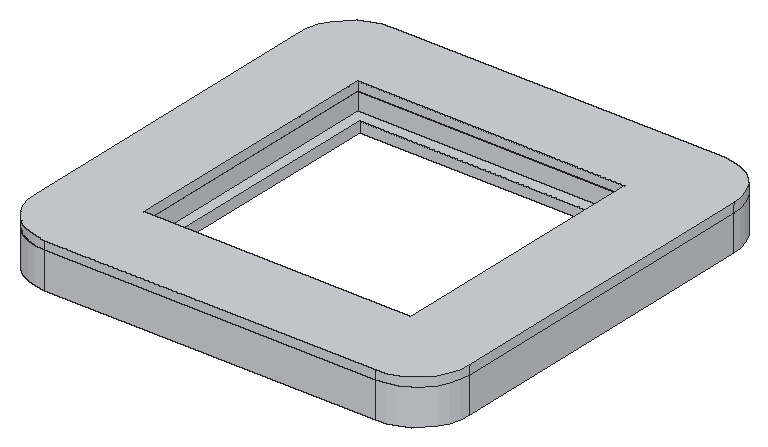
Revit family "Gira_0211421", category Electrical Fixtures, host Face, Revit 2017
Family settings
  Host = Face
  Maintain Annotation Orientation = No
  Round Connector Dimension = Use Diameter
  Part Type = Normal
  Cut with Voids When Loaded = No
  Shared = No
  Room Calculation Point = No
Parameters (values of type "Cov.fr. 1-g Gira E3 light grey/anthra.")
  URL = "http://katalog.gira.de/en/datenblatt.html?artikelnr=0211421"
  Transparent = "No"
  Name = "Cov.fr. 1-g Gira E3 light grey/anthra."
  Manufacturer URL = "https://www.gira.de/"
  Manufacturer = "Gira"
  Keynote = ""
  HeinzeBIM = "https://bimportal.heinze.de/bim/cov-fr-1-g-gira-e3-light-grey-anthra-/e19c4986add7737079ec0175790d3e7bbee93e9c"
  HAN = "0211421"
  GTIN = "4010337023838"
  Description = "Cov.fr.1g E3 LgyAn,Gira E3 cover frame,light grey soft touch with anthracite intermediate frame,1-gang,Features:,- Shatter-proof.,,Notes :,- Soft-touch surface,- NCS value: approx. NCS S-2000 N"
  Default Elevation = 1219.2 mm
  Data sheet (1) = "https://katalog.gira.de/en/download.html?artikelnr=0211421"
  Category = "Cover frame for domestic switching devices"
  BIM (1) = "https://media.stage.bim.site/public/gira/36a6b08/E3_Rahmen_1fach.rfa"
  Available = "No"
Reference planes
  plane 1 "Center (Front/Back)": y = 0
  plane 2: z = 0
  plane 3 "Center (Left/Right)": x = 0
Forms (mm)
  Extrusion 1, solid, detail levels fine
    sketch origin (0, 0, 0) x (1, 0, 0) y (0, 1, 0)
      loop
        arc (-34.8, 45.809) -> (-42.585, 42.585) -> (-45.809, 34.8) r 11.009
        line (-45.809, 34.8) -> (-45.809, -34.8)
        arc (-45.809, -34.8) -> (-42.585, -42.585) -> (-34.8, -45.809) r 11.009
        line (-34.8, -45.809) -> (34.8, -45.809)
        arc (34.8, -45.809) -> (42.585, -42.585) -> (45.809, -34.8) r 11.009
        line (45.809, -34.8) -> (45.809, 34.8)
        arc (45.809, 34.8) -> (42.585, 42.585) -> (34.8, 45.809) r 11.009
        line (34.8, 45.809) -> (-34.8, 45.809)
      loop
        line (28.187, 28.156) -> (-28.187, 28.156) -> (-28.187, -28.156) -> (28.187, -28.156) -> (28.187, 28.156)
    from 7.65 to 9.5
  Extrusion 2, solid, detail levels fine
    sketch origin (0, 0, 0) x (1, 0, 0) y (0, 1, 0)
      loop
        line (25.7, 25.7) -> (-25.7, 25.7) -> (-25.7, -25.7) -> (25.7, -25.7) -> (25.7, 25.7)
      loop
        line (-28.187, -28.156) -> (28.187, -28.156) -> (28.187, 28.156) -> (-28.187, 28.156) -> (-28.187, -28.156)
    from 1.65 to 3.9
  Extrusion 3, solid, detail levels fine
    sketch origin (0, 0, 0) x (1, 0, 0) y (0, 1, 0)
      loop
        arc (-34.8, 45.809) -> (-42.585, 42.585) -> (-45.809, 34.8) r 11.009
        line (-45.809, 34.8) -> (-45.809, -34.8)
        arc (-45.809, -34.8) -> (-42.585, -42.585) -> (-34.8, -45.809) r 11.009
        line (-34.8, -45.809) -> (34.8, -45.809)
        arc (34.8, -45.809) -> (42.585, -42.585) -> (45.809, -34.8) r 11.009
        line (45.809, -34.8) -> (45.809, 34.8)
        arc (45.809, 34.8) -> (42.585, 42.585) -> (34.8, 45.809) r 11.009
        line (34.8, 45.809) -> (-34.8, 45.809)
      loop
        line (-43.843, 34.785) -> (-43.843, -34.785)
        arc (-43.843, -34.785) -> (-41.19, -41.19) -> (-34.785, -43.843) r 9.058
        line (-34.785, -43.843) -> (34.785, -43.843)
        arc (34.785, -43.843) -> (41.19, -41.19) -> (43.843, -34.785) r 9.058
        line (43.843, -34.785) -> (43.843, 34.785)
        arc (43.843, 34.785) -> (41.19, 41.19) -> (34.785, 43.843) r 9.058
        line (34.785, 43.843) -> (-34.785, 43.843)
        arc (-34.785, 43.843) -> (-41.19, 41.19) -> (-43.843, 34.785) r 9.058
    from 0 to 7.65
  Extrusion 4, solid, detail levels fine
    sketch origin (0, 0, 0) x (1, 0, 0) y (0, 1, 0)
      loop
        line (-27.337, -31.075) -> (27.337, -31.075)
        arc (27.337, -31.075) -> (29.98, -29.98) -> (31.075, -27.337) r 3.739
        line (31.075, -27.337) -> (31.075, 27.337)
        arc (31.075, 27.337) -> (29.98, 29.98) -> (27.337, 31.075) r 3.739
        line (27.337, 31.075) -> (-27.337, 31.075)
        arc (-27.337, 31.075) -> (-29.98, 29.98) -> (-31.075, 27.337) r 3.739
        line (-31.075, 27.337) -> (-31.075, -27.337)
        arc (-31.075, -27.337) -> (-29.98, -29.98) -> (-27.337, -31.075) r 3.739
      loop
        line (-29.925, 27.537) -> (-29.925, -27.537)
        arc (-29.925, -27.537) -> (-29.226, -29.226) -> (-27.537, -29.925) r 2.389
        line (-27.537, -29.925) -> (27.537, -29.925)
        arc (27.537, -29.925) -> (29.226, -29.226) -> (29.925, -27.537) r 2.389
        line (29.925, -27.537) -> (29.925, 27.537)
        arc (29.925, 27.537) -> (29.226, 29.226) -> (27.537, 29.925) r 2.389
        line (27.537, 29.925) -> (-27.537, 29.925)
        arc (-27.537, 29.925) -> (-29.226, 29.226) -> (-29.925, 27.537) r 2.389
    from 1.65 to 7.65
  Extrusion 5, solid, detail levels fine
    sketch origin (0, 0, 0) x (1, 0, 0) y (0, 1, 0)
      loop
        line (-32.053, -39.8) -> (32.053, -39.8)
        arc (32.053, -39.8) -> (37.667, -36.708) -> (39.9, -30.7) r 9.2
        line (39.9, -30.7) -> (39.9, 30.7)
        arc (39.9, 30.7) -> (37.205, 37.205) -> (30.7, 39.9) r 9.2
        line (30.7, 39.9) -> (-30.7, 39.9)
        arc (-30.7, 39.9) -> (-37.205, 37.205) -> (-39.9, 30.7) r 9.2
        line (-39.9, 30.7) -> (-39.9, -30.7)
        arc (-39.9, -30.7) -> (-37.667, -36.708) -> (-32.053, -39.8) r 9.2
      loop
        line (-30.7, -31.7) -> (30.7, -31.7)
        arc (30.7, -31.7) -> (31.407, -31.407) -> (31.7, -30.7) r 1
        line (31.7, -30.7) -> (31.7, 30.7)
        arc (31.7, 30.7) -> (31.407, 31.407) -> (30.7, 31.7) r 1
        line (30.7, 31.7) -> (-30.7, 31.7)
        arc (-30.7, 31.7) -> (-31.407, 31.407) -> (-31.7, 30.7) r 1
        line (-31.7, 30.7) -> (-31.7, -30.7)
        arc (-31.7, -30.7) -> (-31.407, -31.407) -> (-30.7, -31.7) r 1
    from 1.65 to 3.9
  Extrusion 6, solid, detail levels fine
    sketch origin (0, 0, 0) x (1, 0, 0) y (0, 1, 0)
      loop
        line (-28.187, 28.156) -> (-28.187, -28.156) -> (28.187, -28.156) -> (28.187, 28.156) -> (-28.187, 28.156)
      loop
        line (-29.925, 29.925) -> (-29.925, -29.925) -> (29.925, -29.925) -> (29.925, 29.925) -> (-29.925, 29.925)
    from 1.65 to 7.65
  Extrusion 7, solid, detail levels coarse+medium
    sketch origin (0, 0, 0) x (1, 0, 0) y (0, 1, 0)
      loop
        line (-45.809, 45.809) -> (-45.809, -45.809) -> (45.809, -45.809) -> (45.809, 45.809) -> (-45.809, 45.809)
    from 0 to 9.5
Dimensions and locks
  aligned and locked: plane 2 to host face
  aligned and locked: level to host face
